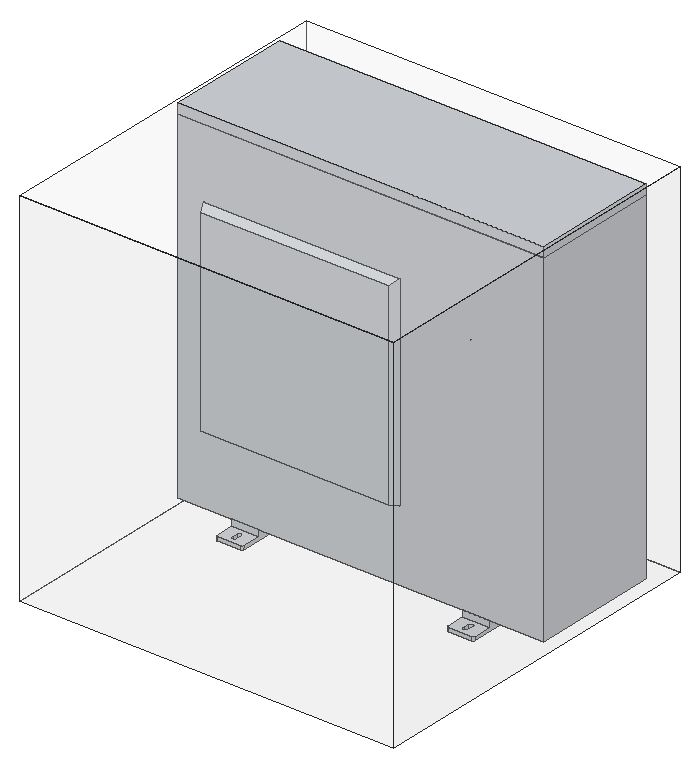
Revit family "puz-zrmp80sha_280ka13_60hz", category 機械設備, Revit 2019 (continued)
Definition of nested family "PUZ-ZRMP-2"
  Automatic sketch dimensions
    curve 44 to plane 50 = 0 mm
    curve 43 to plane 50 = 0 mm
    curve 42 to plane 50 = 0 mm
    curve 41 to plane 50 = 0 mm
    curve 27 to plane 50 = 0 mm
    curve 28 to plane 50 = 0 mm
    curve 40 to plane 50 = 0 mm
    curve 39 to plane 50 = 0 mm
    curve 29 to plane 50 = 0 mm
    curve 38 to plane 50 = 0 mm
    curve 30 to plane 50 = 0 mm
    curve 53 to plane 50 = 0 mm
    curve 31 to plane 50 = 0 mm
    curve 36 to plane 50 = 0 mm
    curve 32 to plane 50 = 0 mm
    curve 35 to plane 50 = 0 mm
    curve 33 to plane 50 = 0 mm
    curve 34 to plane 50 = 0 mm
    curve 28 to plane 49 = 0 mm
    curve 41 to plane 49 = 0 mm
    curve 27 to plane 49 = 0 mm
    curve 42 to plane 49 = 0 mm
    curve 31 to plane 49 = 0 mm
    curve 40 to plane 49 = 0 mm
    curve 37 to plane 49 = 0 mm
    curve 39 to plane 49 = 0 mm
    curve 32 to plane 49 = 0 mm
    curve 45 to plane 49 = 0 mm
    curve 36 to plane 49 = 0 mm
    curve 46 to plane 49 = 0 mm
    curve 43 to plane 49 = 0 mm
    curve 47 to plane 49 = 0 mm
    curve 29 to plane 49 = 0 mm
    curve 48 to plane 49 = 0 mm
    curve 30 to plane 49 = 0 mm
    curve 49 to plane 49 = 0 mm
    curve 44 to plane 49 = 0 mm
    curve 50 to plane 49 = 0 mm
    curve 33 to plane 49 = 0 mm
    curve 51 to plane 49 = 0 mm
    curve 35 to plane 49 = 0 mm
    curve 52 to plane 49 = 0 mm
    curve 38 to plane 49 = 0 mm
    curve 53 to plane 49 = 0 mm
    curve 34 to plane 49 = 0 mm
    Extrusion 9 sketch curve to plane 18 = 0 mm  (x2)
    plane 8 to Extrusion 9 sketch curve = 0 mm
    plane 23 to Extrusion 9 sketch curve = 0 mm
    plane 22 to Extrusion 9 sketch curve = 0 mm  (x3)
    plane 16 to Extrusion 9 sketch curve = 0 mm  (x3)
    plane 17 to Extrusion 9 sketch curve = 0 mm  (x2)
    Extrusion 9 sketch curve to plane 15 = 0 mm  (x2)
    Extrusion 9 sketch curve to plane 19 = 0 mm  (x2)
    Extrusion 9 sketch curve to plane 14 = 0 mm  (x2)
    plane 7 to Extrusion 9 sketch curve = 0 mm
    Extrusion 9 sketch curve to Extrusion 9 sketch curve = 5 mm
    plane 15 to Extrusion 9 sketch curve = 6 mm  (x2)
    plane 19 to Extrusion 9 sketch curve = 5 mm
    Extrusion 9 sketch curve to plane 20 = 5 mm
    plane 14 to Extrusion 9 sketch curve = 6 mm  (x2)
    plane 21 to Extrusion 9 sketch curve = 5 mm
    plane 40 to Masking region 1 sketch curve = 0 mm
    plane 8 to Masking region 1 sketch curve = 0 mm  (x2)
    plane 7 to Masking region 1 sketch curve = 0 mm  (x2)
    curve 301 to plane 6 = 0 mm
    plane 52 to curve 8 = 0 mm
    plane 7 to curve 303 = 0 mm
    curve 304 to plane 18 = 0 mm
    curve 299 to plane 18 = 0 mm
    plane 8 to curve 297 = 0 mm
    curve 305 to plane 19 = 0 mm
    curve 298 to plane 19 = 0 mm
    curve 296 to plane 43 = 0 mm
    curve 295 to plane 48 = 0 mm
    curve 308 to plane 20 = 0 mm
    curve 291 to plane 21 = 11.98 mm
    curve 309 to plane 21 = 0 mm
    curve 290 to plane 47 = 0 mm
    curve 290 to plane 44 = 0 mm
    curve 288 to plane 5 = 0 mm
    plane 22 to curve 304 = 0 mm
    plane 22 to curve 308 = 0 mm
    plane 23 to curve 293 = 0 mm
    plane 23 to curve 298 = 0 mm
    curve 20 to plane 54 = 9 mm
    plane 66 to curve 316 = 4.5 mm
    curve 11 to plane 30 = 5 mm
    curve 11 to plane 66 = 10.5 mm
    curve 8 to curve 5 = 0 mm
    curve 12 to curve 6 = 0 mm
    curve 303 to plane 59 = 17.452 mm
    plane 15 to curve 297 = 2.486 mm
    curve 287 to plane 21 = 16.899 mm
    plane 47 to curve 297 = 22.809 mm
    plane 47 to curve 2 = 2 mm
    plane 31 to curve 9 = 5 mm
    curve 9 to curve 4 = 0 mm
    curve 16 to plane 47 = 13 mm
    plane 40 to Extrusion 9 sketch curve = 10 mm  (x2)
    curve 294 to plane 20 = 0 mm
    curve 293 to plane 21 = 0 mm
    plane 40 to curve 294 = 0 mm
    plane 47 to curve 1 = 2 mm
    curve 16 to curve 325 = 15 mm
Definition of nested family "固定点"
  Parameters (values of type "固定点")
    中心円 = if(W > 599 mm, 12 mm, 10 mm)  # 12 mm
    W = 1000 mm
    D = 1000 mm
  Reference planes
    plane 1 "中心(正面/背面)": y = 0
    plane 2: z = 0
    plane 3 "中心(左/右)": x = 0
    plane 4: x = 1000
    plane 5: y = 1000
  Lines and regions (mm)
    symbolic lines, detail levels fine
      curve 1: circle (0, 1000, 0) r 6 normal (0, 0, 1)
      curve 2: circle (0, 0, 0) r 6 normal (0, 0, 1)
      curve 3: circle (1000, 1000, 0) r 6 normal (0, 0, 1)
      curve 4: circle (1000, 0, 0) r 6 normal (0, 0, 1)
      curve 5: line (-200, 1000, 0) -> (1200, 1000, 0)
      curve 6: line (-200, 0, 0) -> (1200, 0, 0)
      curve 7: line (0, 1200, 0) -> (0, -200, 0)
      curve 8: line (1000, 1200, 0) -> (1000, -200, 0)
  Dimensions and locks
    "W": plane 3 "中心(左/右)" to plane 4
    "D": plane 1 "中心(正面/背面)" to plane 5
    "中心円": diameter of curve 1
    "中心円": diameter of curve 2
    "中心円": diameter of curve 3
    "中心円": diameter of curve 4
    aligned and locked: level to plane 2
    aligned and locked: plane 5 to curve 1
    aligned and locked: plane 3 "中心(左/右)" to curve 1
    aligned and locked: plane 3 "中心(左/右)" to curve 2
    aligned and locked: plane 1 "中心(正面/背面)" to curve 2
    aligned and locked: plane 4 to curve 3
    aligned and locked: plane 5 to curve 3
    aligned and locked: plane 1 "中心(正面/背面)" to curve 4
    aligned and locked: plane 4 to curve 4
    aligned and locked: plane 1 "中心(正面/背面)" to curve 6
    aligned and locked: curve 7 to plane 3 "中心(左/右)"
    aligned and locked: curve 8 to plane 4
  Automatic sketch dimensions
    curve 5 to plane 5 = 0 mm
    curve 6 to plane 3 "中心(左/右)" = 200 mm
    curve 5 to plane 3 "中心(左/右)" = 200 mm
    curve 4 to curve 6 = 200 mm
    curve 3 to curve 5 = 200 mm
    plane 1 "中心(正面/背面)" to curve 8 = 200 mm
    plane 1 "中心(正面/背面)" to curve 7 = 200 mm
    curve 3 to curve 8 = 200 mm
    curve 1 to curve 7 = 200 mm
Types (7, lengths in mm): name | 音響パワーレベル（冷）(dB) | 音響パワーレベル(dB) | 電源位置Z | 電源位置X | 電動機出力_送風機 | 電動機出力_圧縮機 | 質量 | 製品質量 | 相 | 消費電力_暖房 | 消費電力_冷房 | 消費電力 | 構成品番 | 極数 | 最小電線太さ_mm2 | 暖房能力 | 推奨ブレーカー容量 | 形名 | ドレン　位置Y | ドレン　位置X | 冷房能力 | 冷媒管（ガス）位置X | 冷媒管（液）位置X | 冷媒管（ガス）位置Y | 冷媒管径符号 | 冷媒管位置Z | 冷媒管位置Y | 冷媒管位置X | 冷媒液管径 | 冷媒ガス管径 | Width | Height | Clearance Right | Clearance Left | Clearance Front | Clearance Back
  室外機_PUZ-ZRMP80HA13 (-BS,BSG) | 66 | 68 | 669 | 275 | 0.06 kW | 1.6 kW | 79.20 kg | 66.00 kg | 3 | 2.22 kW | 1.93 kW | 2.22 kW | "PUZ-ZRMP80HA13 (-BS,-BSG)" | 3 | 1.6 | 8 kW | 20 A | PUZ-ZRMP-2 : PUZ-ZRMP-2 | 111 | 30 | 7.1 kW | 434 | 377 | 229 | "Bd" | 447 | 259.5 | 405.5 | 9.52 | 15.88 | 950 | 943 | 10 | 10 | 500 | 100
  室外機_PUZ-ZRMP80SHA13 (-BS,BSG) | 66 | 68 | 669 | 275 | 0.06 kW | 1.6 kW | 84.00 kg | 70.00 kg | 1 | 2.34 kW | 1.98 kW | 2.34 kW | "PUZ-ZRMP80SHA13 (-BS,-BSG)" | 1 | 1.6 | 8 kW | 30 A | PUZ-ZRMP-2 : PUZ-ZRMP-2 | 111 | 30 | 7.1 kW | 434 | 377 | 229 | "Bd" | 447 | 259.5 | 405.5 | 9.52 | 15.88 | 950 | 943 | 10 | 10 | 500 | 100
  室外機_PUZ-ZRMP112KA13 (-BS,BSG) | 68 | 70 | 1063 | 325 | 0.12 kW | 2.1 kW | 118.80 kg | 99.00 kg | 3 | 2.67 kW | 2.43 kW | 2.67 kW | "PUZ-ZRMP112KA13 (-BS,-BSG)" | 3 | 1.6 | 11.2 kW | 30 A | PUZ-ZRMP-3 : PUZ-ZRMP112KA11 | 176 | 45 | 10 kW | 483 | 423 | 234 | "Bd" | 450 | 262 | 453 | 9.52 | 15.88 | 1050 | 1338 | 15 | 15 | 500 | 150
  室外機_PUZ-ZRMP140KA13 (-BS,BSG) | 68 | 71 | 1063 | 325 | 0.12 kW | 2.8 kW | 118.80 kg | 99.00 kg | 3 | 3.72 kW | 3.61 kW | 3.72 kW | "PUZ-ZRMP140KA13 (-BS,-BSG)" | 3 | 1.6 | 14 kW | 30 A | PUZ-ZRMP-3 : PUZ-ZRMP112KA11 | 176 | 45 | 12.5 kW | 483 | 423 | 234 | "Bd" | 450 | 262 | 453 | 9.52 | 15.88 | 1050 | 1338 | 15 | 15 | 500 | 150
  室外機_PUZ-ZRMP160KA13 (-BS,BSG) | 70 | 73 | 1063 | 325 | 0.12 kW | 3.3 kW | 118.80 kg | 99.00 kg | 3 | 4.5 kW | 4.6 kW | 4.6 kW | "PUZ-ZRMP160KA13 (-BS,-BSG)" | 3 | 1.6 | 16 kW | 30 A | PUZ-ZRMP-3 : PUZ-ZRMP112KA11 | 176 | 45 | 14 kW | 483 | 423 | 234 | "Bd" | 450 | 262 | 453 | 9.52 | 15.88 | 1050 | 1338 | 15 | 15 | 500 | 150
  室外機_PUZ-ZRMP224KA3 (-BS,BSG) | 79 | 81 | 1063 | 325 | 0.3 kW | 4.6 kW | 156.00 kg | 130.00 kg | 3 | 5.66 kW | 6.07 kW | 6.07 kW | "PUZ-ZRMP224KA3 (-BS,-BSG)" | 3 | 2 | 22.4 kW | 40 A | PUZ-ZRMP-3 : PUZ-ZRMP224KA | 176 | 45 | 20 kW | 479 | 423 | 236 | "Bg" | 450 | 263 | 451 | 9.52 | 25.40 | 1050 | 1338 | 15 | 15 | 1000 | 150
  室外機_PUZ-ZRMP280KA3 (-BS,BSG) | 79 | 81 | 1063 | 325 | 0.4 kW | 5.7 kW | 160.80 kg | 134.00 kg | 3 | 8.14 kW | 9.2 kW | 9.2 kW | "PUZ-ZRMP280KA3 (-BS,-BSG)" | 3 | 2 | 28 kW | 50 A | PUZ-ZRMP-3 : PUZ-ZRMP224KA | 176 | 45 | 25 kW | 479 | 423 | 236 | "Cg" | 450 | 263 | 451 | 12.70 | 25.40 | 1050 | 1338 | 15 | 15 | 1000 | 150
